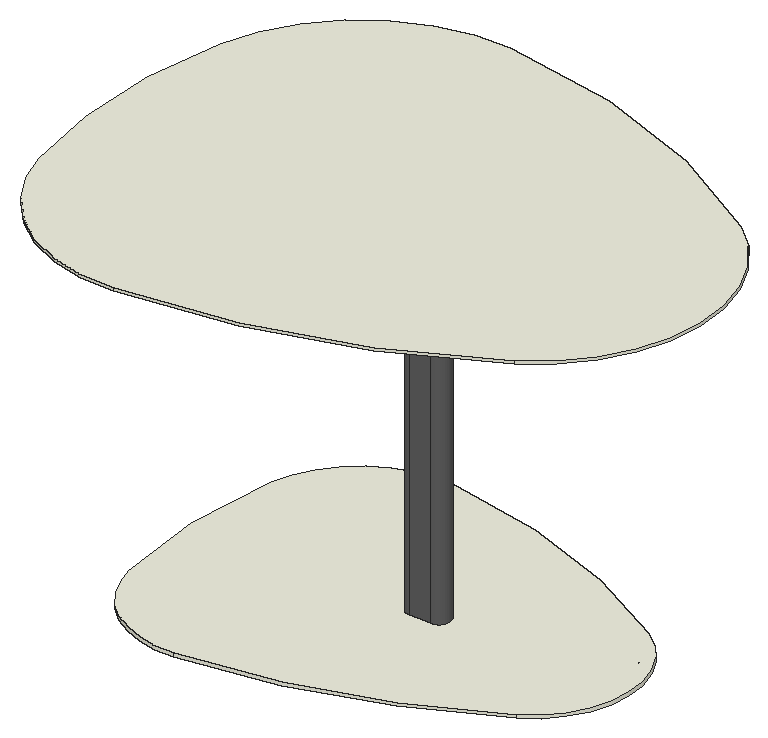
Revit family "Table-Allermuir-SUN103", category Furniture, Revit 2012
Parameters (values of type "SUN103")
  ecoScorecard_data = ""
  ecoScorecard Product Page = ""
  Width = 21 83/128"  # constant formula
  White Plastic Back Membrane = no
  URL = ""
  Table = Metal - Allermuir - Reflective - Ivory
  Subcategory = ""
  Stand = Metal - Allermuir - Flaked Satin - Black
  Stacks = no
  Specifications URL = ""
  Product Page URL = ""
  Product Line = ""
  Pricing URL = ""
  Plugin Data URL = ""
  Model = "SUN103"  # constant formula
  Manufacturer Toll Free Phone = "(888) 887 5806"  # constant formula
  Manufacturer Phone = "(419) 887 5806"  # constant formula
  Manufacturer Fax = "(419) 887 5805"  # constant formula
  Manufacturer Email = "mailto:contact@allermuir-na.com"
  Manufacturer Address = "1630 Holland Road, Maumee, Ohio 43537 "  # constant formula
  Manufacturer = "Allermuir"  # constant formula
  LEED Stats URL = ""
  Height = 13 149/256"
  Fabric Spec Sheets = ""
  Description = ""
  Depth = 18 13/128"  # constant formula
  Color Availability = ""
  CAD Blocks URL = ""
  Brochure URL = ""
  Base or Frame [instance] = ""
  Base Type = ""
  Assembly Code = "E2020200"
  95 CSI = "12510"  # constant formula
  04 CSI = "12 51 00"  # constant formula
Reference planes (in)
  plane 1 "Center Front/Back": y = 0
  plane 2: z = 0
  plane 3 "Center Left/Right": x = 0
  plane 4: z = 13.58203
  plane 5: y = 9.05078
  plane 6: y = -9.05078
  plane 7: x = -10.82422
  plane 8: x = 10.82422
Dimensions and locks (in)
  equal spacing: plane 5, plane 1 "Center Front/Back", plane 6
  "Depth": plane 5 to plane 6
  equal spacing: plane 7, plane 3 "Center Left/Right", plane 8
  "Width": plane 7 to plane 8
  "Height": plane 4 to level
  aligned and locked: plane 3 "Center Left/Right" to nested 1
  aligned and locked: plane 1 "Center Front/Back" to nested 1
Nested families (in)
  nested 1: "SUN3" at (0, 0, 0), type "SUN3"
Definition of nested family "SUN3"
  Parameters (values of type "SUN3")
    Width = 21 83/128"
    Table = Metal - Allermuir - Reflective - Ivory
    Stand = Metal - Allermuir - Flaked Satin - Black
    Height = 13 149/256"
    Depth = 18 13/128"
  Reference planes (in)
    plane 1 "Center (Front/Back)": y = 0
    plane 2: z = 0
    plane 3 "Center (Left/Right)": x = 0
    plane 4: x = 10.82422
    plane 5: x = -10.82422
    plane 6: y = 9.05078
    plane 7: y = -9.05078
    plane 8: z = 13.58203
    plane 9: z = 13.48425
    plane 10: z = 0.27559
    plane 11: z = 0.15748
    plane 12: x = -8.07615
    plane 13: x = -7.6037
    plane 14: y = 0.37949
    plane 15: y = -0.41149
  Forms (in)
    Sweep 1, solid, material "Metal - Allermuir - Reflective - Ivory" <- "Table"
      path origin (0, 0, 0) x (1, 0, 0) y (0, 1, 0)
        loop
          arc (-10.35698, 4.08515) -> (-10.82426, -0.22764) -> (-10.23963, -4.52609) r 17.88802
          arc (-10.23963, -4.52609) -> (-7.83333, -8.02052) -> (-3.75014, -9.17325) r 6.25
          arc (-3.75014, -9.17325) -> (2.38173, -7.94789) -> (8.01395, -5.23137) r 24.86341
          arc (8.01395, -5.23137) -> (10.82598, -0.1485) -> (8.17118, 5.01823) r 6.1716
          arc (8.17118, 5.01823) -> (2.54181, 7.87179) -> (-3.64971, 9.0956) r 23.105
          arc (-3.64971, 9.0956) -> (-7.91743, 7.81402) -> (-10.35698, 4.08515) r 6.5
      profile origin (-10.82426, -0.22764, 0) x (0.999907, 0.013626, 0) y (0, 0, 1)
        loop
          line (0.00004, 13.48425) -> (0.12498, 13.48425) -> (0.12498, 13.58203) -> (0.00004, 13.58203) -> (0.00004, 13.48425)
    Extrusion 2, solid, material "Metal - Allermuir - Reflective - Ivory" <- "Table"
      sketch origin (0, 0, 0) x (1, 0, 0) y (0, 1, 0)
        loop
          arc (-10.23527, 4.05672) -> (-10.69929, -0.22593) -> (-10.11874, -4.49436) r 17.76304
          arc (-10.11874, -4.49436) -> (-7.76057, -7.91891) -> (-3.75902, -9.04859) r 6.12502
          arc (-3.75902, -9.04859) -> (2.34202, -7.82938) -> (7.94593, -5.12652) r 24.73843
          arc (7.94593, -5.12652) -> (10.70101, -0.14658) -> (8.09998, 4.91552) r 6.04662
          arc (8.09998, 4.91552) -> (2.50106, 7.75364) -> (-3.65697, 8.97083) r 22.98002
          arc (-3.65697, 8.97083) -> (-7.84263, 7.7139) -> (-10.23527, 4.05672) r 6.37502
      from 13.48425 to 13.58203
    Sweep 3, solid, material "Metal - Allermuir - Reflective - Ivory" <- "Table"
      path origin (0, 0, 0) x (1, 0, 0) y (0, 1, 0)
        loop
          arc (-7.77194, 3.22511) -> (-8.07566, -0.12074) -> (-7.732, -3.46272) r 17.43452
          arc (-7.732, -3.46272) -> (-6.28627, -5.73618) -> (-3.68932, -6.45353) r 3.75
          arc (-3.68932, -6.45353) -> (1.52448, -5.33724) -> (6.35563, -3.0812) r 23.64658
          arc (6.35563, -3.0812) -> (8.07236, -0.01284) -> (6.35123, 3.05304) r 3.59582
          arc (6.35123, 3.05304) -> (1.61558, 5.27182) -> (-3.49075, 6.40084) r 23.75957
          arc (-3.49075, 6.40084) -> (-6.2523, 5.65007) -> (-7.77194, 3.22511) r 3.92885
      profile origin (-8.07566, -0.12074, 0) x (0.999982, 0.005972, 0) y (0, 0, 1)
        loop
          line (-0.00049, 0.15748) -> (0.47197, 0.15748) -> (0.47197, 0) -> (0.80604, 0) -> (0.80604, 0.27559) -> (-0.00049, 0.27559) -> (-0.00049, 0.15748)
    Extrusion 4, solid, material "Metal - Allermuir - Reflective - Ivory" <- "Table"
      sketch origin (0, 0, 0) x (1, 0, 0) y (0, 1, 0)
        loop
          arc (-3.5771, 5.59944) -> (-5.77208, 5.0027) -> (-6.97996, 3.07524) r 3.12281
          arc (-6.97996, 3.07524) -> (-7.26964, -0.11592) -> (-6.94187, -3.3034) r 16.62848
          arc (-6.94187, -3.3034) -> (-5.80689, -5.08819) -> (-3.76813, -5.65135) r 2.94396
          arc (-3.76813, -5.65135) -> (1.26794, -4.57311) -> (5.93441, -2.39397) r 22.84054
          arc (5.93441, -2.39397) -> (7.26632, -0.01342) -> (5.931, 2.36521) r 2.78978
          arc (5.931, 2.36521) -> (1.35601, 4.50872) -> (-3.5771, 5.59944) r 22.95353
      from 0 to 0.27559
    Sweep 5, solid, material "Metal - Allermuir - Flaked Satin - Black" <- "Stand"
      path origin (0, 0, 0) x (1, 0, 0) y (0, 0, 1)
        loop
          line (-0.1704, 13.48425) -> (-0.1704, 0.27559)
      profile origin (-0.1704, 0, 6.87992) x (0, -1, 0) y (1, 0, 0)
        loop
          arc (-0.37949, 0.39704) -> (0.016, 0.00155) -> (0.41149, 0.39704) r 0.39549
          line (0.41149, 0.39704) -> (0.41149, 1.1853)
          arc (0.41149, 1.1853) -> (0.016, 1.5808) -> (-0.37949, 1.1853) r 0.39549
          line (-0.37949, 1.1853) -> (-0.37949, 0.39704)
  Cuts and joins
    joined: Sweep 1, Extrusion 2, Sweep 3, Extrusion 4
  Lines and regions (in)
    symbolic lines, style "Table"
      curve 1: arc (-3.64971, 9.09555, 0) -> (-7.9174, 7.81399, 0) -> (-10.35694, 4.08514, 0) r 6.49996
      curve 2: arc (8.17116, 5.0182, 0) -> (2.5418, 7.87175, 0) -> (-3.64971, 9.09555, 0) r 23.10496
      curve 3: arc (8.01392, -5.23133, 0) -> (10.82593, -0.1485, 0) -> (8.17116, 5.0182, 0) r 6.17156
      curve 4: arc (-3.75014, -9.17321, 0) -> (2.38172, -7.94785, 0) -> (8.01392, -5.23133, 0) r 24.86337
      curve 5: arc (-10.23958, -4.52608, 0) -> (-7.83331, -8.02049, 0) -> (-3.75014, -9.17321, 0) r 6.24996
      curve 6: arc (-10.35694, 4.08514, 0) -> (-10.82422, -0.22764, 0) -> (-10.23958, -4.52608, 0) r 17.88797
  Dimensions and locks (in)
    equal spacing: plane 5, plane 3 "Center (Left/Right)", plane 4
    "Width": plane 5 to plane 4
    equal spacing: plane 6, plane 1 "Center (Front/Back)", plane 7
    "Depth": plane 6 to plane 7
    "Height": plane 8 to level
    locked: plane 10 to plane 11 at 0.11811
    locked: plane 11 to level at 0.15748
    locked: plane 8 to plane 9 at 0.09778
    plane 12 to plane 5 = 2.74806"
    locked: plane 12 to plane 13 at 0.47245
    locked: plane 14 to plane 15 at 0.79098
    aligned and locked: level to plane 2
    aligned and locked: Sweep 1 sketch curve to plane 9
    aligned and locked: Sweep 1 sketch curve to plane 8
    aligned and locked: Sweep 1 sketch curve to plane 5
    aligned and locked: Extrusion 2 sketch curve to Sweep 1  (x6)
    aligned and locked: plane 8 to Extrusion 2
    aligned and locked: Extrusion 2 to plane 9
    aligned and locked: plane 12 to Sweep 3 sketch curve
    aligned and locked: plane 13 to Sweep 3 sketch curve
    aligned and locked: Sweep 3 sketch curve to plane 10
    aligned and locked: Sweep 3 sketch curve to plane 11
    aligned and locked: profile plane to Sweep 3 sketch curve
    aligned and locked: Extrusion 4 sketch curve to Sweep 3  (x6)
    aligned and locked: plane 10 to Extrusion 4
    aligned and locked: Extrusion 4 to level
    aligned and locked: plane 10 to Sweep 5 sketch curve
    aligned and locked: plane 9 to Sweep 5 sketch curve
    aligned and locked: plane 14 to Sweep 5 sketch curve
    aligned and locked: plane 15 to Sweep 5 sketch curve
  Automatic sketch dimensions
    plane 5 to Sweep 1 sketch curve = 0.46724"
    Sweep 1 sketch curve to Sweep 1 sketch curve = 0"  (x5)
    plane 5 to Sweep 1 sketch curve = 0.58459"
    plane 5 to Sweep 1 sketch curve = 5.30645"
    Sweep 1 sketch curve to plane 1 "Center (Front/Back)" = 2.60658"
    Sweep 1 sketch curve to plane 3 "Center (Left/Right)" = 4.02738"
    plane 7 to Sweep 1 sketch curve = 0.12247"
    Sweep 1 sketch curve to plane 3 "Center (Left/Right)" = 3.75014"
    plane 6 to Sweep 1 sketch curve = 0.04482"
    Sweep 1 sketch curve to plane 3 "Center (Left/Right)" = 3.64971"
    plane 1 "Center (Front/Back)" to Sweep 1 sketch curve = 0.05383"
    Sweep 1 sketch curve to Sweep 1 sketch curve = 2.40699"
    Sweep 1 sketch curve to profile plane = 0.00004"
    Sweep 1 sketch curve to profile plane = 0.12498"
    plane 5 to Sweep 3 sketch curve = 3.05227"
    Sweep 3 sketch curve to Sweep 3 sketch curve = 0"  (x5)
    plane 5 to Sweep 3 sketch curve = 3.09222"
    plane 5 to Sweep 3 sketch curve = 4.7884"
    plane 5 to Sweep 3 sketch curve = 4.82278"
    Sweep 3 sketch curve to Sweep 3 sketch curve = 3.67602"
    Sweep 3 sketch curve to plane 1 "Center (Front/Back)" = 2.49459"
    Sweep 3 sketch curve to plane 3 "Center (Left/Right)" = 3.9116"
    Sweep 3 sketch curve to plane 7 = 2.59726"
    Sweep 3 sketch curve to plane 3 "Center (Left/Right)" = 3.68932"
    Sweep 3 sketch curve to plane 6 = 2.64994"
    Sweep 3 sketch curve to plane 3 "Center (Left/Right)" = 3.49075"
    plane 1 "Center (Front/Back)" to Sweep 3 sketch curve = 0.01542"
    Sweep 5 sketch curve to profile plane = 0.39704"
    Sweep 5 sketch curve to Sweep 5 sketch curve = 0.78826"
    plane 3 "Center (Left/Right)" to Sweep 3 sketch curve = 4 61/128"
    plane 7 to Sweep 1 sketch curve = 4.91959"
    plane 1 "Center (Front/Back)" to Sweep 1 sketch curve = 2.93906"
    Sweep 5 sketch curve to plane 3 "Center (Left/Right)" = 0.1704"
    plane 5 to curve 1 = 0.46728"
    curve 2 to plane 3 "Center (Left/Right)" = 4 127/128"
    curve 1 to plane 1 "Center (Front/Back)" = 2.60658"
    curve 1 to plane 3 "Center (Left/Right)" = 4.02738"
    plane 6 to curve 2 = 0.04477"
    curve 2 to plane 3 "Center (Left/Right)" = 3.64971"
    curve 1 to curve 2 = 0"
    plane 4 to curve 2 = 2.65306"
    plane 1 "Center (Front/Back)" to curve 3 = 0.05383"
    plane 4 to curve 3 = 2.81029"
    curve 3 to curve 2 = 0"
    plane 5 to curve 4 = 5.30645"
    plane 7 to curve 4 = 0.12243"
    curve 4 to plane 3 "Center (Left/Right)" = 3.75014"
    plane 5 to curve 5 = 0.58463"
    plane 1 "Center (Front/Back)" to curve 5 = 2.93906"
    curve 5 to curve 4 = 0"
    curve 6 to curve 1 = 0"
